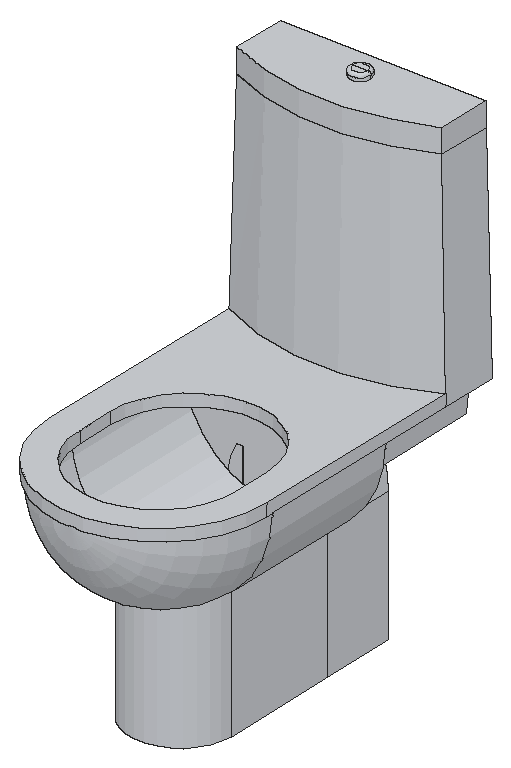
Revit family
Parameters (values of type "550 x 360mm")
  Material = none
  Manufacturer = "Revit"
  Button Material = none
  Assembly Code = "D2010110"
Reference planes
  plane 1 "Center (Front/Back)": y = 0
  plane 2: z = 0
  plane 3 "Center (Left/Right)": x = 0
  plane 4: x = -17.5
Forms (mm)
  Extrusion 1, solid, material <- "Material"
    sketch origin (0, -95, 400) x (1, 0, 0) y (0, 1, 0)
      loop
        line (-179.9, 0) -> (-179.9, -370.216)
        arc (-179.9, -370.216) -> (0.005, -550.122) -> (179.91, -370.216) r 179.905
        line (179.91, -370.216) -> (179.91, 0) -> (-179.9, 0)
      loop
        line (-130, -308.309) -> (-130, -372.093)
        arc (-130, -372.093) -> (0, -502.093) -> (130, -372.093) r 130
        line (130, -372.093) -> (130, -308.309)
        arc (130, -308.309) -> (0, -178.309) -> (-130, -308.309) r 130
    from -20 to 0
  Blend 2, solid, material <- "Material"
    base sketch origin (0, -124.9, 380) x (0, 0, -1) y (-1, 0, 0)
      loop
        arc (0, -180) -> (15.761, -179.209) -> (31.405, -177.138) r 193.77
        line (31.405, -177.138) -> (31.405, -150.665)
        arc (31.405, -150.665) -> (153.903, 0) -> (31.405, 150.665) r 153.903
        line (31.405, 150.665) -> (31.405, 177.138)
        arc (31.405, 177.138) -> (15.761, 179.209) -> (0, 180) r 193.77
        line (0, 180) -> (0, -180)
    top sketch origin (0, -124.9, 380) x (0, 0, -1) y (-1, 0, 0)
      loop
        line (0, 180) -> (0, -180)
        arc (0, -180) -> (15.761, -179.209) -> (31.405, -177.138) r 193.77
        line (31.405, -177.138) -> (31.405, -150.665)
        arc (31.405, -150.665) -> (107.291, 0) -> (31.405, 150.665) r 187.508
        line (31.405, 150.665) -> (31.405, 177.138)
        arc (31.405, 177.138) -> (15.761, 179.209) -> (0, 180) r 193.77
    from -95 to 74.9
  Revolve 3, solid, material <- "Material"
    sketch origin (-135.875, -95, 380) x (0, -1, 0) y (1, 0, 0)
      loop
        line (124.9, -18.028) -> (124.9, -44.025) -> (359.287, -44.025)
        arc (359.287, -44.025) -> (490.375, 8.047) -> (550, 135.875) r 191.038
        line (550, 135.875) -> (523.953, 135.875)
        arc (523.953, 135.875) -> (472.275, 26.71) -> (360.086, -18.028) r 165.042
        line (360.086, -18.028) -> (124.9, -18.028)
      axis (550, 135.875) -> (124.9, 135.875)
    angle from 0 to 180
  Sweep 4, solid, material <- "Material"
    path origin (0, -95, 0) x (1, 0, 0) y (0, 1, 0)
      loop
        line (-84.416, -124.9) -> (-84.416, -324.944)
        arc (-84.416, -324.944) -> (-0.099, -409.36) -> (84.415, -325.143) r 84.416
        line (84.415, -325.143) -> (84.415, -124.9)
    profile origin (0, -319.922, 0) x (1, 0, 0) y (0, 0, 1)
      loop
        line (-84.416, 0) -> (-58.435, 0) -> (-58.435, 219.393) -> (-84.416, 234.393) -> (-84.416, 0)
  Sweep 5, solid, material <- "Material"
    path origin (0, -95, 0) x (1, 0, 0) y (0, 1, 0)
      loop
        line (-58.435, -124.9) -> (-58.435, 0)
    profile origin (0, -157.45, 0) x (-1, 0, 0) y (0, 0, 1)
      loop
        line (84.416, 0.709) -> (84.416, 221.135)
        arc (84.416, 221.135) -> (79.629, 258.271) -> (67.208, 293.595) r 178.675
        line (67.208, 293.595) -> (57.208, 293.595) -> (57.208, 0.709) -> (84.416, 0.709)
  Sweep 6, solid, material <- "Material"
    path origin (0, -95, 0) x (-1, 0, 0) y (0, -1, 0)
      loop
        line (-58.435, 124.9) -> (-58.435, 0)
    profile origin (0, -157.45, 0) x (1, 0, 0) y (0, 0, 1)
      loop
        line (84.416, 0.709) -> (84.416, 221.135)
        arc (84.416, 221.135) -> (79.629, 258.271) -> (67.208, 293.595) r 178.675
        line (67.208, 293.595) -> (57.208, 293.595) -> (57.208, 0.709) -> (84.416, 0.709)
  Blend 7, solid, material <- "Material"
    base sketch origin (0, 0, 0) x (1, 0, 0) y (0, 1, 0)
      loop
        arc (-180, -95) -> (0, -140) -> (180, -95) r 382.5
        line (180, -95) -> (180, 0) -> (-180, 0) -> (-180, -95)
    top sketch origin (0, 0, 0) x (1, 0, 0) y (0, 1, 0)
      loop
        line (-170, 0) -> (-170, -90.146)
        arc (-170, -90.146) -> (0, -130) -> (170, -90.146) r 382.5
        line (170, -90.146) -> (170, 0) -> (-170, 0)
    from 380 to 750
  Extrusion 8, solid, material <- "Material"
    sketch origin (0, 0, 750) x (1, 0, 0) y (0, 1, 0)
      loop
        line (-170, 0) -> (-170, -90.146)
        arc (-170, -90.146) -> (0, -130) -> (170, -90.146) r 382.5
        line (170, -90.146) -> (170, 0) -> (-170, 0)
    from 0 to 40
  Revolve 9, solid, material <- "Button Material", detail levels medium+fine
    sketch origin (0, -47.5, 0) x (1, 0, 0) y (0, 0, 1)
      loop
        line (0, 790) -> (0, 800) -> (-12.5, 800)
        arc (-12.5, 800) -> (-16.036, 798.536) -> (-17.5, 795) r 5
        line (-17.5, 795) -> (-17.5, 790) -> (0, 790)
      axis (0, 800) -> (0, 790)
    angle from 0 to 360
Lines and regions (mm)
  symbolic lines
    curve 1: line (-180, -480, 0) -> (-180, -95, 0)
    curve 2: arc (-180, -95, 0) -> (0, -140, 0) -> (180, -95, 0) r 382.5
    curve 3: line (180, -95, 0) -> (180, -480, 0)
    curve 4: arc (180, -480, 0) -> (0, -645, 0) -> (-180, -480, 0) r 180.682
    curve 9: arc (130, -405, 0) -> (0, -275, 0) -> (-130, -405, 0) r 130
    curve 10: line (-130, -405, 0) -> (-130, -495, 0)
    curve 11: arc (-130, -495, 0) -> (0, -605, 0) -> (130, -495, 0) r 131.818
    curve 12: line (130, -495, 0) -> (130, -405, 0)
    curve 13: line (-40, -375, 0) -> (40, -375, 0)
    curve 14: line (40, -375, 0) -> (40, -425, 0)
    curve 15: arc (40, -425, 0) -> (0, -455, 0) -> (-40, -425, 0) r 41.667
    curve 16: line (-40, -425, 0) -> (-40, -375, 0)
    curve 17: line (-170, 0, 0) -> (-170, -90.146, 0)
    curve 18: arc (-170, -90.146, 0) -> (0, -130, 0) -> (170, -90.146, 0) r 382.5
    curve 19: line (170, -90.146, 0) -> (170, 0, 0)
    curve 22: line (-180, 0, 0) -> (0, 0, 0)
    curve 23: line (0, 0, 0) -> (180, 0, 0)
    curve 24: line (180, 0, 0) -> (180, -95, 0)
    curve 25: line (-180, -95, 0) -> (-180, 0, 0)
  symbolic lines, detail levels medium+fine
    curve 5: arc (-72.5, -225, 0) -> (-80, -217.5, 0) -> (-87.5, -225, 0) r 7.5
    curve 6: arc (-87.5, -225, 0) -> (-80, -232.5, 0) -> (-72.5, -225, 0) r 7.5
    curve 7: arc (72.5, -225, 0) -> (80, -232.5, 0) -> (87.5, -225, 0) r 7.5
    curve 8: arc (87.5, -225, 0) -> (80, -217.5, 0) -> (72.5, -225, 0) r 7.5
    curve 20: arc (-17.5, -50, 0) -> (0, -67.5, 0) -> (17.5, -50, 0) r 17.5
    curve 21: arc (17.5, -50, 0) -> (0, -32.5, 0) -> (-17.5, -50, 0) r 17.5
  model lines
    curve 26: arc (-179.9, -95, 400) -> (0.05, -140, 400) -> (180, -95, 400) r 382.301
Dimensions and locks
  aligned: curve 26 to Extrusion 1
